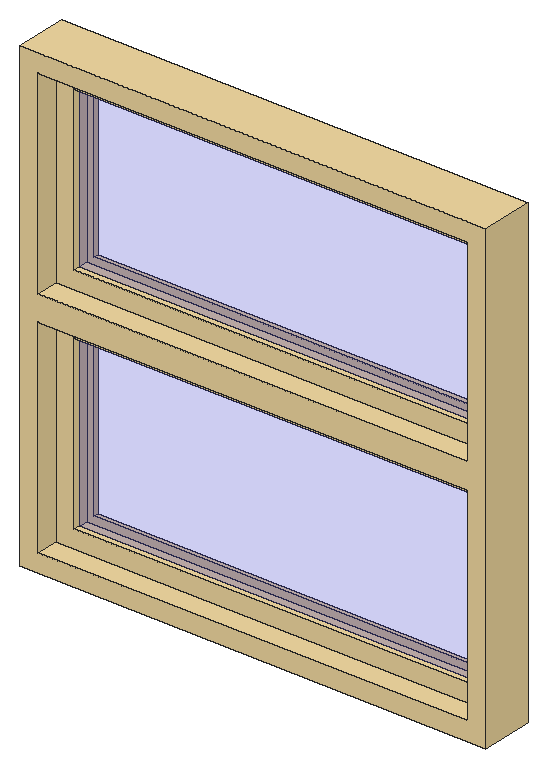
Revit family "6402-COto 62", category Windows, host Wall, Revit 2016
Family settings
  Host = Wall
  OmniClass Number = 23.30.20.00
  OmniClass Title = Windows
  Always vertical = Yes
  Cut with Voids When Loaded = No
  Shared = No
  Room Calculation Point = No
Parameters (values of type "1188x1188mm")
  top 2 [instance] = yes
  top 1 [instance] = yes
  right 2 [instance] = no
  right 1 [instance] = no
  left 2 [instance] = no
  left 1 [instance] = no
  Rough Width = Width + 2 * Joint  # 1212 mm
  Rough Height = Height + 2 * Joint  # 1212 mm
  Offset from wall = 40 mm
  Mullion Placement = 594 mm
  Manufacturer = "www.kronevinduer.dk"
  Joint = 12 mm
  Height = 1188 mm
  Sash 2 [instance] = or(top 2, right 2, left 2)  # yes
  Sash 1 [instance] = or(top 1, right 1, left 1)  # yes
  Frame 176mm [instance] = no
  Frame 157mm [instance] = no
  Default Sill Height = 800 mm
  Wall Closure = By host
  Width = 1188 mm
Reference planes
  plane 1 "Center (Front/Back)": y = 0
  plane 2 "Center (Left/Right)": x = 0
  plane 3 "Left": x = -594
  plane 4 "Right": x = 594
  plane 5 "Sill": z = 800
  plane 6 "Head": z = 1988
  plane 7 "Exterior": y = 100
  plane 8 "Interior": y = -100
  plane 9: y = 60
  plane 10: x = 582
  plane 11: x = -582
  plane 12: z = 812
  plane 13: z = 1976
  plane 14: z = 1406
  plane 15: z = 1691
  plane 16: z = 1109
Forms (mm)
  Sweep 1, solid, material "Wood frame"
    path origin (0, 100, 0) x (1, 0, 0) y (0, 0, 1)
      loop
        line (582, 812) -> (582, 1976) -> (-582, 1976) -> (-582, 812) -> (582, 812)
    profile "COto 62 træ-alu,karm- fast glas 45mm : COto 62 træ-alu,karm- fast glas 45mm" origin (0, 100, 812) x (0, 0, -1) y (0, -1, 0)
      loop
        line (0, 170) -> (-45, 170) -> (-45, 99) -> (-27, 99) -> (-27, 51) -> (-45, 51) -> (-45, 40) -> (0, 40) -> (0, 170)
  Extrusion 2, solid, material "Glass"
    sketch origin (-594, 0, 0) x (0, -1, 0) y (0, 0, 1)
      loop
        line (-49, 839) -> (-1, 839) -> (-1, 1949) -> (-49, 1949) -> (-49, 839)
    from -1149 to -39
  Sweep 3, solid, material "Wood frame"
    path origin (0, 100, 0) x (1, 0, 0) y (0, 0, 1)
      loop
        line (582, 1406) -> (-582, 1406)
    profile "COto 62 træ-alu, Post-fast glas 63 mm : COto 62 træ-alu, Post-fast glas 63 mm" origin (0, 100, 1406) x (0, 0, -1) y (0, -1, 0)
      loop
        line (31.5, 170) -> (-31.5, 170) -> (-31.5, 99) -> (-13.5, 99) -> (-13.5, 51) -> (-31.5, 51) -> (-31.5, 40) -> (31.5, 40) -> (31.5, 51) -> (13.5, 51) -> (13.5, 99) -> (31.5, 99) -> (31.5, 170)
  Sweep 4, solid, material "Wood frame", visible <- "Sash 2"
    path origin (0, 100, 0) x (1, 0, 0) y (0, 0, 1)
      loop
        line (555, 1419.5) -> (555, 1949) -> (-555, 1949) -> (-555, 1419.5) -> (555, 1419.5)
    profile "COto 62 træ-alu,opluk-ramme : COto 62 træ-alu,opluk-ramme" origin (0, 100, 1419.5) x (0, 0, -1) y (0, -1, 0)
      loop
        line (0, 99) -> (-18, 99) -> (-18, 114) -> (-63, 114) -> (-63, 99) -> (-45, 99) -> (-45, 51) -> (-63, 51) -> (-63, 40) -> (0, 40) -> (0, 99)
  Sweep 5, solid, material "Wood frame", visible <- "Sash 1"
    path origin (0, 100, 0) x (1, 0, 0) y (0, 0, 1)
      loop
        line (555, 839) -> (555, 1392.5) -> (-555, 1392.5) -> (-555, 839) -> (555, 839)
    profile "COto 62 træ-alu,opluk-ramme : COto 62 træ-alu,opluk-ramme" origin (0, 100, 839) x (0, 0, -1) y (0, -1, 0)
      loop
        line (0, 99) -> (-18, 99) -> (-18, 114) -> (-63, 114) -> (-63, 99) -> (-45, 99) -> (-45, 51) -> (-63, 51) -> (-63, 40) -> (0, 40) -> (0, 99)
  Sweep 6, solid, material "Wood frame", visible <- "Frame 157mm"
    path origin (0, 100, 0) x (1, 0, 0) y (0, 0, 1)
      loop
        line (582, 812) -> (582, 1976) -> (-582, 1976) -> (-582, 812) -> (582, 812)
    profile "COto 62 træ-alu,karm- fast glas 45mm-157 : COto 62 træ-alu,karm- fast glas 45mm-157" origin (0, 100, 812) x (0, 0, -1) y (0, -1, 0)
      loop
        line (0, 197) -> (-45, 197) -> (-45, 99) -> (-27, 99) -> (-27, 51) -> (-45, 51) -> (-45, 40) -> (0, 40) -> (0, 197)
  Sweep 7, solid, material "Wood frame", visible <- "Frame 157mm"
    path origin (0, 100, 0) x (1, 0, 0) y (0, 0, 1)
      loop
        line (582, 1406) -> (-582, 1406)
    profile "COto 62 træ-alu, Post-fast glas 63 mm-157 : COto 62 træ-alu, Post-fast glas 63 mm-157" origin (0, 100, 1406) x (0, 0, -1) y (0, -1, 0)
      loop
        line (31.5, 197) -> (-31.5, 197) -> (-31.5, 99) -> (-13.5, 99) -> (-13.5, 51) -> (-31.5, 51) -> (-31.5, 40) -> (31.5, 40) -> (31.5, 51) -> (13.5, 51) -> (13.5, 99) -> (31.5, 99) -> (31.5, 197)
  Sweep 8, solid, material "Wood frame", visible <- "Frame 176mm"
    path origin (0, 100, 0) x (1, 0, 0) y (0, 0, 1)
      loop
        line (582, 812) -> (582, 1976) -> (-582, 1976) -> (-582, 812) -> (582, 812)
    profile "COto 62 træ-alu,karm- fast glas 45mm-176 : COto 62 træ-alu,karm- fast glas 45mm-176" origin (0, 100, 812) x (0, 0, -1) y (0, -1, 0)
      loop
        line (0, 216) -> (-45, 216) -> (-45, 99) -> (-27, 99) -> (-27, 51) -> (-45, 51) -> (-45, 40) -> (0, 40) -> (0, 216)
  Sweep 9, solid, material "Wood frame", visible <- "Frame 176mm"
    path origin (0, 100, 0) x (1, 0, 0) y (0, 0, 1)
      loop
        line (582, 1406) -> (-582, 1406)
    profile "COto 62 træ-alu, Post-fast glas 63 mm-176 : COto 62 træ-alu, Post-fast glas 63 mm-176" origin (0, 100, 1406) x (0, 0, -1) y (0, -1, 0)
      loop
        line (31.5, 216) -> (-31.5, 216) -> (-31.5, 99) -> (-13.5, 99) -> (-13.5, 51) -> (-31.5, 51) -> (-31.5, 40) -> (31.5, 40) -> (31.5, 51) -> (13.5, 51) -> (13.5, 99) -> (31.5, 99) -> (31.5, 216)
Cuts and joins
  joined: Sweep 1, Sweep 3
  joined: Sweep 6, Sweep 7
  joined: Sweep 8, Sweep 9
Lines and regions (mm)
  Opening 1
    outline origin (3500, -100, 0) x (1, 0, 0) y (0, 0, 1)
      loop
        line (-2906, 800) -> (-2906, 1988) -> (-4094, 1988) -> (-4094, 800) -> (-2906, 800)
  symbolic lines, visible <- "top 2"
    curve 1: line (555, 100, 1949) -> (0, 100, 1419.5)
    curve 2: line (0, 100, 1419.5) -> (-555, 100, 1949)
  symbolic lines, visible <- "top 1"
    curve 3: line (555, 100, 1392.5) -> (0, 100, 839)
    curve 4: line (0, 100, 839) -> (-555, 100, 1392.5)
  symbolic lines, visible <- "left 2"
    curve 5: line (555, 100, 1949) -> (-555, 100, 1691)
    curve 6: line (-555, 100, 1691) -> (555, 100, 1419.5)
  symbolic lines, visible <- "left 1"
    curve 7: line (555, 100, 1392.5) -> (-555, 100, 1109)
    curve 8: line (-555, 100, 1109) -> (555, 100, 839)
  symbolic lines, visible <- "right 2"
    curve 9: line (-555, 100, 1949) -> (555, 100, 1691)
    curve 10: line (555, 100, 1691) -> (-555, 100, 1419.5)
  symbolic lines, visible <- "right 1"
    curve 11: line (-555, 100, 1392.5) -> (555, 100, 1109)
    curve 12: line (555, 100, 1109) -> (-555, 100, 839)
Text (mm)
  text "EXTERIOR" at (-1963.203, 1332.353, 0), in view "Ref. Level"
  text "INTERIOR" at (-1981.466, -818.386, 0), in view "Ref. Level"
  text "Exterior" at (0, 923.751, 2943.296), in view "Right"
  text "Exterior" at (0, 1040.484, 2685.409), in view "Left"
Dimensions and locks
  equal spacing: plane 3 "Left", plane 2 "Center (Left/Right)", plane 4 "Right"
  "Width": plane 3 "Left" to plane 4 "Right"
  "Height": plane 5 "Sill" to plane 6 "Head"
  "Default Sill Height": plane 5 "Sill" to level
  locked: plane 7 "Exterior" to host wall at 0
  locked: plane 8 "Interior" to host wall
  "Offset from wall": plane 7 "Exterior" to plane 9
  "Joint": plane 13 to plane 6 "Head"
  "Joint": plane 5 "Sill" to plane 12
  "Joint": plane 3 "Left" to plane 11
  "Joint": plane 10 to plane 4 "Right"
  "Mullion Placement": plane 12 to plane 14
  equal spacing: plane 14, plane 15, plane 13
  equal spacing: plane 12, plane 16, plane 14
  aligned and locked: plane 12 to Sweep 1 sketch curve
  aligned and locked: Sweep 1 sketch curve to plane 10
  aligned and locked: Sweep 1 sketch curve to plane 13
  aligned and locked: plane 11 to Sweep 1 sketch curve
  aligned and locked: Extrusion 2 sketch curve to Sweep 1  (x2)
  aligned and locked: Extrusion 2 to Sweep 1  (x4)
  aligned and locked: Sweep 4 sketch curve to cut or joined group of Sweep 1, Sweep 3  (x2)
  aligned and locked: Sweep 4 sketch curve to Extrusion 2  (x2)
  aligned and locked: Sweep 5 sketch curve to Extrusion 2  (x2)
  aligned and locked: Sweep 5 sketch curve to cut or joined group of Sweep 1, Sweep 3  (x2)
  aligned and locked: Sweep 6 sketch curve to cut or joined group of Sweep 1, Sweep 3  (x4)
  aligned and locked: Sweep 8 sketch curve to cut or joined group of Sweep 1, Sweep 3  (x4)
Automatic sketch dimensions
  Opening 1 sketch curve to plane 3 "Left" = 0 mm
  Opening 1 sketch curve to plane 4 "Right" = 0 mm
  Opening 1 sketch curve to plane 5 "Sill" = 0 mm
  Opening 1 sketch curve to plane 6 "Head" = 0 mm
  Extrusion 2 sketch curve to plane 5 "Sill" = 39 mm
  plane 6 "Head" to Extrusion 2 sketch curve = 39 mm
  Sweep 3 sketch curve to plane 11 = 0 mm
  Sweep 3 sketch curve to plane 10 = 0 mm
  Sweep 3 sketch curve to plane 14 = 0 mm
  Sweep 7 sketch curve to plane 11 = 0 mm
  Sweep 7 sketch curve to plane 10 = 0 mm
  Sweep 7 sketch curve to plane 14 = 0 mm
  Sweep 9 sketch curve to plane 11 = 0 mm
  Sweep 9 sketch curve to plane 10 = 0 mm
  Sweep 9 sketch curve to plane 14 = 0 mm
  curve 7 to plane 16 = 0 mm
  curve 6 to plane 15 = 0 mm
  plane 2 "Center (Left/Right)" to curve 4 = 0 mm
  plane 2 "Center (Left/Right)" to curve 2 = 0 mm
  curve 9 to plane 15 = 0 mm
  curve 11 to plane 16 = 0 mm
  plane 11 to curve 11 = 27 mm
  plane 11 to curve 5 = 27 mm
  plane 11 to curve 2 = 27 mm
  curve 9 to plane 10 = 27 mm
  curve 3 to plane 10 = 27 mm
  curve 5 to plane 10 = 27 mm
  curve 11 to plane 10 = 27 mm
  plane 12 to curve 3 = 27 mm
  curve 4 to plane 14 = 13.5 mm
  curve 3 to plane 14 = 13.5 mm
  plane 14 to curve 2 = 13.5 mm
  curve 9 to plane 13 = 27 mm
  curve 5 to plane 13 = 27 mm
  plane 11 to curve 7 = 27 mm
  curve 10 to curve 4 = 0 mm
  plane 11 to curve 12 = 27 mm
  curve 8 to plane 10 = 27 mm
  curve 6 to plane 10 = 27 mm
  plane 12 to curve 8 = 27 mm
  plane 12 to curve 12 = 27 mm
  plane 14 to curve 10 = 13.5 mm
  plane 14 to curve 6 = 13.5 mm
